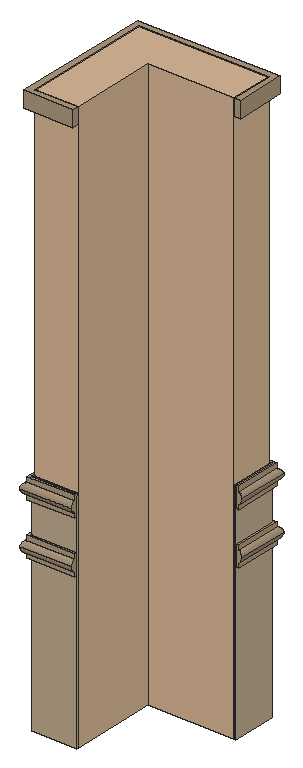
Revit family "GEN_A3-671-CORNER-FIRST-FL", category Columns, Revit 2016
Family settings
  Cut with Voids When Loaded = No
  Automatically joins geometry to walls = Yes
  Shared = No
  Show family pre-cut in plan views = Yes
Parameters (values of type "646-DS-C-85")
  STEP = 85 mm
  NIB WIDTH = 690 mm
  NIB = 230 mm
  Assembly Code = ""
Reference planes
  plane 1 "Center (Front/Back)": y = 20
  plane 2: z = 2720
  plane 3 "Center (Left/Right)": x = -20
  plane 4 "Left": x = -250
  plane 5 "Right": x = 440
  plane 6 "Back": y = 250
  plane 7 "Front": y = -440
  plane 8: z = 2635
  plane 9: z = 3570
  plane 10: z = 3740
Forms (mm)
  Extrusion 1, solid, material "-WALL"
    sketch origin (0, 0, 2720) x (1, 0, 0) y (0, 1, 0)
      loop
        line (-250, -440) -> (-20, -440) -> (-20, 20) -> (440, 20) -> (440, 250) -> (-250, 250) -> (-250, -440)
    from -85 to 2975
  Sweep 2, solid, material "-CORBEL"
    path origin (-101.756, 0, 5695) x (1, 0, 0) y (0, 1, 0)
      loop
        line (541.756, 20) -> (541.756, 250) -> (-148.244, 250) -> (-148.244, -440) -> (81.756, -440)
    profile "HEADER : HEADER" origin (-135, -440, 5695) x (0, 1, 0) y (0, 0, 1)
      loop
        line (0, -85) -> (0, 0) -> (-35, 0) -> (-35, -85) -> (0, -85)
  Sweep 3, solid, material "-CORBEL"
    path origin (-1690.302, 0, 3545) x (0, 1, 0) y (-1, 0, 0)
      loop
        line (20, -2140.302) -> (260, -2140.302) -> (260, -1430.302) -> (-450, -1430.302) -> (-450, -1670.302)
    profile "MOKOKA wrap : MOKOKA wrap" origin (450, 140, 3545) x (-1, 0, 0) y (0, 0, 1)
      loop
        line (-15, 25) -> (-15, 0)
        arc (-15, 0) -> (-29.542, -11.972) -> (-35, -30) r 32.5
        arc (-35, -30) -> (-29.542, -48.028) -> (-15, -60) r 32.5
        line (-15, -60) -> (-15, -85) -> (0, -85) -> (0, 25) -> (-15, 25)
  Extrusion 4, solid, material "-STONE PLINTH"
    sketch origin (0, 0, 2720) x (1, 0, 0) y (0, 1, 0)
      loop
        line (-20, -440) -> (-250, -440) -> (-250, 250) -> (440, 250) -> (440, 20) -> (450, 20) -> (450, 260) -> (-260, 260) -> (-260, -450) -> (-20, -450) -> (-20, -440)
    from -85 to 1130
  Sweep 5, solid, material "-CORBEL"
    path origin (-1690.302, 0, 3825) x (0, 1, 0) y (-1, 0, 0)
      loop
        line (20, -2140.302) -> (260, -2140.302) -> (260, -1430.302) -> (-450, -1430.302) -> (-450, -1670.302)
    profile "MOKOKA wrap : MOKOKA wrap" origin (450, 140, 3825) x (-1, 0, 0) y (0, 0, 1)
      loop
        line (-15, 25) -> (-15, 0)
        arc (-15, 0) -> (-29.542, -11.972) -> (-35, -30) r 32.5
        arc (-35, -30) -> (-29.542, -48.028) -> (-15, -60) r 32.5
        line (-15, -60) -> (-15, -85) -> (0, -85) -> (0, 25) -> (-15, 25)
Dimensions and locks
  "NIB WIDTH": plane 4 "Left" to plane 5 "Right"
  "NIB WIDTH": plane 7 "Front" to plane 6 "Back"
  "NIB": plane 1 "Center (Front/Back)" to plane 6 "Back"
  "NIB": plane 4 "Left" to plane 3 "Center (Left/Right)"
  "STEP": plane 8 to level
  level to plane 9 to plane 10 = 850 mm locked, 170 mm locked
  aligned and locked: Extrusion 1 sketch curve to plane 4 "Left"
  aligned and locked: Extrusion 1 sketch curve to plane 6 "Back"
  aligned and locked: Extrusion 1 sketch curve to plane 5 "Right"
  aligned and locked: Extrusion 1 sketch curve to plane 7 "Front"
  aligned and locked: Extrusion 1 sketch curve to plane 3 "Center (Left/Right)"
  aligned and locked: Extrusion 1 sketch curve to plane 1 "Center (Front/Back)"
  aligned and locked: level to Extrusion 1
  aligned and locked: plane 8 to Extrusion 1
  aligned and locked: Sweep 5 to Extrusion 4
  aligned and locked: plane 9 to Sweep 3
Automatic sketch dimensions
  Sweep 2 sketch curve to plane 4 "Left" = 0 mm
  Sweep 2 sketch curve to plane 3 "Center (Left/Right)" = 0 mm
  Sweep 2 sketch curve to plane 1 "Center (Front/Back)" = 0 mm
  Sweep 2 sketch curve to plane 5 "Right" = 0 mm
  Sweep 2 sketch curve to plane 7 "Front" = 0 mm
  Sweep 2 sketch curve to plane 6 "Back" = 0 mm
  Sweep 3 sketch curve to plane 3 "Center (Left/Right)" = 0 mm
  Sweep 3 sketch curve to plane 1 "Center (Front/Back)" = 0 mm
  plane 7 "Front" to Sweep 3 sketch curve = 10 mm
  Sweep 3 sketch curve to plane 6 "Back" = 10 mm
  Sweep 3 sketch curve to plane 5 "Right" = 10 mm
  plane 4 "Left" to Sweep 3 sketch curve = 10 mm
  Extrusion 4 sketch curve to plane 4 "Left" = 0 mm
  Extrusion 4 sketch curve to plane 3 "Center (Left/Right)" = 0 mm
  Extrusion 4 sketch curve to plane 1 "Center (Front/Back)" = 0 mm
  Extrusion 4 sketch curve to plane 5 "Right" = 0 mm
  Extrusion 4 sketch curve to plane 7 "Front" = 0 mm
  Extrusion 4 sketch curve to plane 6 "Back" = 0 mm
  plane 4 "Left" to Extrusion 4 sketch curve = 10 mm
  Extrusion 4 sketch curve to plane 5 "Right" = 10 mm
  plane 7 "Front" to Extrusion 4 sketch curve = 10 mm
  Extrusion 4 sketch curve to plane 6 "Back" = 10 mm
  Sweep 5 sketch curve to plane 3 "Center (Left/Right)" = 0 mm
  Sweep 5 sketch curve to plane 1 "Center (Front/Back)" = 0 mm
  plane 7 "Front" to Sweep 5 sketch curve = 10 mm
  Sweep 5 sketch curve to plane 6 "Back" = 10 mm
  Sweep 5 sketch curve to plane 5 "Right" = 10 mm
  plane 4 "Left" to Sweep 5 sketch curve = 10 mm
